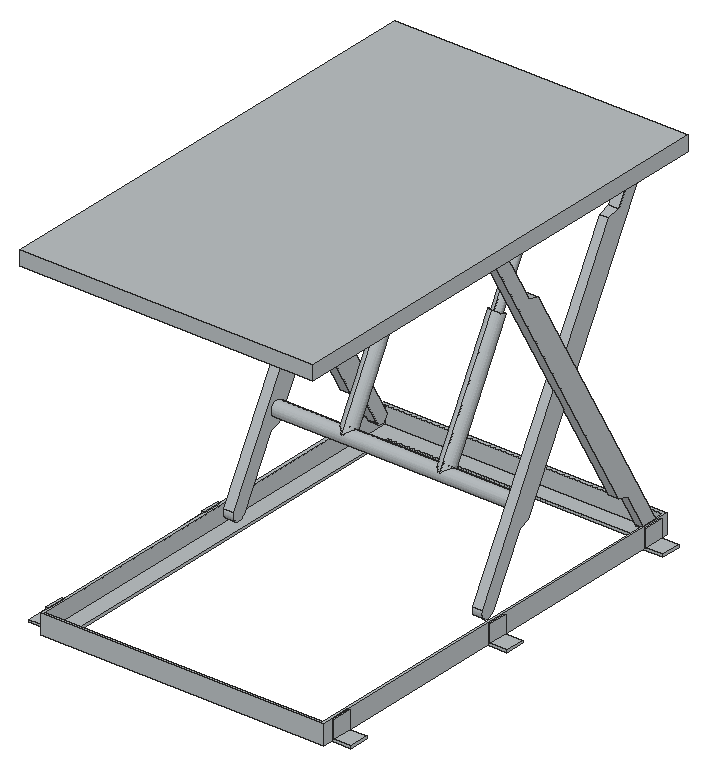
Revit family "DockEquipment_LiftTable_Pentalift_4-3L", category Specialty Equipment, Revit 2026
Family settings
  Round Connector Dimension = Use Diameter
  Part Type = Normal
  Work Plane-Based = Yes
  Enable Cutting in Views = No
  Always vertical = No
  Cut with Voids When Loaded = No
  Maintain Annotation Orientation = No
  Shared = No
  Room Calculation Point = No
Parameters
  offset [instance] = 0' - 0"
  Warranty Duration (Years) = 0
  Unit Width = 2' - 6"
  Unit Length = 4' - 0"
  URL = "http://www.pentalift.com/index.php"
  Specification = ""
  SpecWizard = ""
  Send Message = "http://www.arcat.com/users.pl?action=UserEmail&company=Pentalift Equipment Corp.&coid=34752&rep=119&fax=519-763-2894&mf="
  Sales Information = "http://www.pentalift.com/about-us.htm"
  Revision = "R1_01-2012"
  Product Properties = ""
  Product Data = "http://www.arcat.com/arcatcos/cos34/arc34752.html"
  Platform Width [instance] = 2' - 6"
  Platform Length [instance] = 4' - 0"
  Platform Height [instance] = 3' - 0"
  Model = "As Specified"
  Material [instance] = Metal - Steel - Pentalift - Painted - Gray
  Manufacturer Website = "http://www.pentalift.com/index.php"
  Manufacturer Phone - Toll Free = ""
  Manufacturer Phone = "519-763-3625 "
  Manufacturer Fax = "519-763-2894"
  Manufacturer Address = "21 Nicholas Beaver Rd. Guelph, ON, Canada N1H 6H9 "
  Manufacturer = "Pentalift Equipment Corp."
  Maintenance Schedule (Months) = 0
  Keynote = "11160"
  Installation-Fabrication = ""
  Installation Phase = ""
  Green Building-LEED = ""
  Expected Lifespan (Years) = 0
  Drawn By = "Sumex Design, Inc. / Robert S. Weygant, CSI, CDT, SCIP"
  Description = "Pentalift Dock Equipment as Specified"
  Default Elevation = 4' - 0"
  Copyright = "©Arcat Inc."
  Construction Details = "http://www.arcat.com/details/pentalif/pentalif.html?coid=34752"
  Capacity (Weight) = 0.00 kip
  Assembly Code = "E1030300"
Reference planes (in)
  plane 1 "Center (Front/Back)": y = 0
  plane 2 "Bottom": z = 0
  plane 3 "Center (Left/Right)": x = 0
  plane 4 "Front": y = -24
  plane 5 "Back": y = 24
  plane 6 "Left": x = -15
  plane 7 "Right": x = 15
  plane 8 "Top": z = 36
  plane 9: x = -14.5
  plane 10: x = 14.5
  plane 11: y = 22
  plane 12: y = -22
  plane 13: z = 1.75
  plane 14: z = 34.5
  plane 15: x = 3
  plane 16: z = 3
  plane 17: x = -15
  plane 18: x = 15
  plane 19: y = 24
  plane 20: y = -24
Forms (in)
  Extrusion 1, solid, material "Metal - Steel - Pentalift - Painted - Gray" <- "Material"
    sketch origin (-43.59721, -180, 36) x (-1, 0, 0) y (0, -1, 0)
      loop
        line (-28.59721, -204) -> (-28.59721, -156) -> (-58.59721, -156) -> (-58.59721, -204) -> (-28.59721, -204)
    from 0 to -1.5
  Sweep 2, solid, material "Metal - Steel - Pentalift - Painted - Gray" <- "Material"
    path origin (0, 0, 0) x (1, 0, 0) y (0, 1, 0)
      loop
        line (-14.5, 22) -> (-14.5, -22) -> (14.5, -22) -> (14.5, 22) -> (-14.5, 22)
    profile origin (0, 22, 0) x (0, 1, 0) y (0, 0, 1)
      loop
        line (-0.25, 2) -> (-0.25, 0.25) -> (-2, 0.25) -> (-2, 0) -> (0, 0) -> (0, 2) -> (-0.25, 2)
  Extrusion 3, solid, material "Metal - Steel - Pentalift - Painted - Gray" <- "Material"
    sketch origin (0, 0, 0) x (1, 0, 0) y (0, 0, 1)
      loop
        line (-14.5, 2) -> (-14.75, 2) -> (-14.75, 0.25) -> (-16.5, 0.25) -> (-16.5, 0) -> (-14.5, 0) -> (-14.5, 2)
      loop
        line (14.5, 2) -> (14.5, 0) -> (16.5, 0) -> (16.5, 0.25) -> (14.75, 0.25) -> (14.75, 2) -> (14.5, 2)
    from 1 to -1
  Extrusion 4, solid, material "Metal - Steel - Pentalift - Painted - Gray" <- "Material"
    sketch origin (-38.56132, 22, 48) x (-1, 0, 0) y (0, 0, 1)
      loop
        line (-24.06132, -46) -> (-24.06132, -48) -> (-22.06132, -48) -> (-22.06132, -47.75) -> (-23.81132, -47.75) -> (-23.81132, -46) -> (-24.06132, -46)
      loop
        line (-53.06132, -46) -> (-53.31132, -46) -> (-53.31132, -47.75) -> (-55.06132, -47.75) -> (-55.06132, -48) -> (-53.06132, -48) -> (-53.06132, -46)
    from -1 to -3
  Extrusion 5, solid, material "Metal - Steel - Pentalift - Painted - Gray" <- "Material"
    sketch origin (-38.56132, -22, 48) x (-1, 0, 0) y (0, 0, 1)
      loop
        line (-24.06132, -46) -> (-24.06132, -48) -> (-22.06132, -48) -> (-22.06132, -47.75) -> (-23.81132, -47.75) -> (-23.81132, -46) -> (-24.06132, -46)
      loop
        line (-53.06132, -46) -> (-53.31132, -46) -> (-53.31132, -47.75) -> (-55.06132, -47.75) -> (-55.06132, -48) -> (-53.06132, -48) -> (-53.06132, -46)
    from 1 to 3
Dimensions and locks (in)
  equal spacing: plane 6 "Left", plane 3 "Center (Left/Right)", plane 7 "Right"
  "Unit Width": plane 6 "Left" to plane 7 "Right"
  equal spacing: plane 5 "Back", plane 1 "Center (Front/Back)", plane 4 "Front"
  "Unit Length": plane 5 "Back" to plane 4 "Front"
  "Platform Height": plane 8 "Top" to level
  locked: plane 10 to plane 7 "Right" at 0.5
  locked: plane 6 "Left" to plane 9 at 0.5
  locked: plane 12 to plane 4 "Front" at 2
  plane 5 "Back" to plane 11 = 0' - 2"
  locked: plane 13 to level at 1.75
  locked: plane 8 "Top" to plane 14 at 1.5
  locked: plane 6 "Left" to plane 15 at 18
  equal spacing: plane 20, plane 1 "Center (Front/Back)", plane 19
  equal spacing: plane 17, plane 3 "Center (Left/Right)", plane 18
  "Platform Width": plane 17 to plane 18
  "Platform Length": plane 19 to plane 20
  aligned and locked: plane 14 to Extrusion 1
  aligned and locked: plane 1 "Center (Front/Back)" to nested 1
  aligned and locked: plane 3 "Center (Left/Right)" to nested 1
Automatic sketch dimensions
  Sweep 2 sketch curve to plane 9 = 0' - 0"
  Sweep 2 sketch curve to plane 10 = 0' - 0"
  Sweep 2 sketch curve to plane 12 = 0' - 0"
  Sweep 2 sketch curve to plane 11 = 0' - 0"
  Sweep 2 sketch curve to level = 0' - 0"
  Sweep 2 sketch curve to profile plane = 0' - 0"
  Sweep 2 sketch curve to Sweep 2 sketch curve = 0' - 0 1/4"
  Sweep 2 sketch curve to Sweep 2 sketch curve = 0' - 1 3/4"  (x2)
  level to Sweep 2 sketch curve = 0' - 0 1/4"
  Extrusion 1 sketch curve to plane 18 = 0' - 0"
  Extrusion 1 sketch curve to plane 17 = 0' - 0"
  Extrusion 1 sketch curve to plane 19 = 0' - 0"
  Extrusion 1 sketch curve to plane 20 = 0' - 0"
  Extrusion 3 sketch curve to level = 0' - 0"  (x2)
  Extrusion 3 sketch curve to plane 9 = 0' - 0"
  Extrusion 3 sketch curve to plane 10 = 0' - 0"
  plane 6 "Left" to Extrusion 3 sketch curve = 0' - 0 1/4"
  level to Extrusion 3 sketch curve = 0' - 0 1/4"  (x2)
  Extrusion 3 sketch curve to plane 6 "Left" = 0' - 1 1/2"
  Extrusion 3 sketch curve to plane 7 "Right" = 0' - 0 1/4"
  plane 7 "Right" to Extrusion 3 sketch curve = 0' - 1 1/2"
  plane 13 to Extrusion 3 sketch curve = 0' - 0 1/4"  (x2)
  Extrusion 4 sketch curve to level = 0' - 0"  (x2)
  Extrusion 4 sketch curve to plane 10 = 0' - 0"
  Extrusion 4 sketch curve to plane 9 = 0' - 0"
  Extrusion 4 sketch curve to plane 7 "Right" = 0' - 0 1/4"
  plane 7 "Right" to Extrusion 4 sketch curve = 0' - 1 1/2"
  plane 6 "Left" to Extrusion 4 sketch curve = 0' - 0 1/4"
  level to Extrusion 4 sketch curve = 0' - 0 1/4"
  Extrusion 4 sketch curve to plane 6 "Left" = 0' - 1 1/2"
  Extrusion 4 sketch curve to Extrusion 4 sketch curve = 0' - 0 1/4"
  plane 13 to Extrusion 4 sketch curve = 0' - 0 1/4"  (x2)
  Extrusion 5 sketch curve to level = 0' - 0"  (x2)
  Extrusion 5 sketch curve to plane 10 = 0' - 0"
  Extrusion 5 sketch curve to plane 9 = 0' - 0"
  Extrusion 5 sketch curve to plane 7 "Right" = 0' - 0 1/4"
  plane 7 "Right" to Extrusion 5 sketch curve = 0' - 1 1/2"
  plane 6 "Left" to Extrusion 5 sketch curve = 0' - 0 1/4"
  level to Extrusion 5 sketch curve = 0' - 0 1/4"  (x2)
  Extrusion 5 sketch curve to plane 6 "Left" = 0' - 1 1/2"
  plane 13 to Extrusion 5 sketch curve = 0' - 0 1/4"  (x2)
Nested families (in)
  nested 1: "Scissor_4.3L" at (0, 0, 0), Material <- "Material", Unit Width <- "Unit Width", Unit Length <- "Unit Length", Platform Height <- "Platform Height", type "Scisor_4.3L"
    with offset 0' - 0", ll/2 1' - 7.2", lFull 2' - 5.4", Unit Width 2' - 6", Unit Length 4' - 0", Support Angle 60.7383°, Platform Height 3' - 0", Material Metal - Steel - Pentalift - Painted - Gray, Leg Length 3' - 2.4"
Definition of nested family "Scissor_4.3L"
  Parameters
    offset [instance] = 0' - 0"
    ll/2 [instance] = Leg Length / 2  # 2' - 4.8"
    lFull [instance] = Leg Length - 0' 9"  # 4' - 0.6"
    Warranty Duration (Years) = 0
    Unit Width [instance] = 2' - 0"
    Unit Length [instance] = 6' - 0"
    Unit Height = 3' - 6"
    URL = "http://www.pentalift.com/index.php"
    Support Angle [instance] = asin((Platform Height - 0' 2 1/2") / Leg Length)  # 52.179°
    Specification = ""
    SpecWizard = ""
    Send Message = "http://www.arcat.com/users.pl?action=UserEmail&company=Pentalift Equipment Corp.&coid=34752&rep=119&fax=519-763-2894&mf="
    Sales Information = "http://www.pentalift.com/about-us.htm"
    Revision = "R1_01-2012"
    Product Properties = ""
    Product Data = "http://www.arcat.com/arcatcos/cos34/arc34752.html"
    Platform Height [instance] = 4' - 0"
    Model = "As Specified"
    Material [instance] = none
    Manufacturer Website = "http://www.pentalift.com/index.php"
    Manufacturer Phone - Toll Free = ""
    Manufacturer Phone = "519-763-3625 "
    Manufacturer Fax = "519-763-2894"
    Manufacturer Address = "21 Nicholas Beaver Rd. Guelph, ON, Canada N1H 6H9 "
    Manufacturer = "Pentalift Equipment Corp."
    Maintenance Schedule (Months) = 0
    Leg Length [instance] = Unit Length * 0.8  # 4' - 9.6"
    Keynote = "11160"
    Installation-Fabrication = ""
    Installation Phase = ""
    Green Building-LEED = ""
    Expected Lifespan (Years) = 0
    Drawn By = "Sumex Design, Inc. / Robert S. Weygant, CSI, CDT, SCIP"
    Description = "Pentalift Dock Equipment as Specified"
    Default Elevation = 4' - 0"
    Copyright = "©Arcat Inc."
    Construction Details = "http://www.arcat.com/details/pentalif/pentalif.html?coid=34752"
    Capacity (Weight) = 0.00 kip
    Assembly Code = "E1030300"
  Reference planes (in)
    plane 1 "Center (Front/Back)": y = 0
    plane 2 "Bottom": z = 0
    plane 3 "Center (Left/Right)": x = 0
    plane 4 "Front": y = -36
    plane 5 "Back": y = 36
    plane 6 "Left": x = -12
    plane 7 "Right": x = 12
    plane 8 "Top": z = 48
    plane 9: x = -11.25
    plane 10: x = 11.25
    plane 11: y = 33.5
    plane 12: y = -32.25
    plane 13: z = 1.75
    plane 14: y = 31.75
    plane 15: z = 47.25
  Forms (in)
    Extrusion 1, solid, material <- "Material"
      sketch origin (0, 32.49905, 47.28778) x (0, -0.613196, -0.789931) y (0, 0.789931, -0.613196)
        loop
          circle (49.08915, -0.56853) r 0.75
      from -9.25 to 9.25
    Revolve 2, solid, material <- "Material"
      sketch origin (-5, 31.75, 47.25) x (0, -0.613196, -0.789931) y (0, -0.789931, 0.613196)
        loop
          line (2, 0) -> (2, -0.5) -> (25.3, -0.5) -> (25.3, -0.75) -> (48.6, -0.75) -> (48.6, 0) -> (2, 0)
        axis (2, 0) -> (48.6, 0)
      angle from 0 to 360
    Revolve 3, solid, material <- "Material"
      sketch origin (5, 31.75, 47.25) x (0, -0.613196, -0.789931) y (0, -0.789931, 0.613196)
        loop
          line (2, 0) -> (2, -0.5) -> (25.3, -0.5) -> (25.3, -0.75) -> (48.6, -0.75) -> (48.6, 0) -> (2, 0)
        axis (2, 0) -> (48.6, 0)
      angle from 0 to 360
  Lines and regions (in)
    reference lines
      curve 1: line (0, 31.75, 47.25) -> (0, -24.66406, -25.42361)
      curve 2: line (0, 31.75, 1.75) -> (0, -30.79602, 82.32292)
      curve 3: line (5, 31.75, 47.25) -> (5, -3.20219, 2.22396)
      curve 4: line (-5, 31.75, 47.25) -> (-5, -3.20219, 2.22396)
  Dimensions and locks (in)
    equal spacing: plane 6 "Left", plane 3 "Center (Left/Right)", plane 7 "Right"
    "Unit Width": plane 6 "Left" to plane 7 "Right"
    equal spacing: plane 5 "Back", plane 1 "Center (Front/Back)", plane 4 "Front"
    "Unit Length": plane 5 "Back" to plane 4 "Front"
    "Platform Height": plane 8 "Top" to level
    locked: plane 10 to plane 7 "Right" at 0.75
    locked: plane 6 "Left" to plane 9 at 0.75
    locked: plane 12 to plane 4 "Front" at 3.75
    locked: plane 5 "Back" to plane 11 at 2.5
    locked: plane 13 to level at 1.75
    locked: plane 11 to plane 14 at 1.75
    locked: plane 8 "Top" to plane 15 at 0.75
    locked: plane 10 to Extrusion 1 at 2
    locked: plane 9 to Extrusion 1 at 2
    locked: nested 1 to plane 9 at 1
    locked: nested 2 to plane 10 at 1
    "lFull": Revolve 2 sketch curve to curve 1
    equal spacing: Revolve 2 sketch curve, Revolve 2 sketch curve, Revolve 2 sketch curve
    "lFull": curve 1 to Extrusion 1 sketch curve
    locked: Revolve 2 sketch curve to curve 1 at 2
    locked: curve 3 to plane 7 "Right" at 7
    locked: plane 6 "Left" to curve 4 at 7
    equal spacing: Revolve 3 sketch curve, Revolve 3 sketch curve, Revolve 3 sketch curve
    locked: Revolve 3 sketch curve to curve 4 at 2
    "lFull": curve 4 to Revolve 3 sketch curve
    "Support Angle": angle curve 1 to plane 15
    "Support Angle": angle plane 13 to curve 2
    aligned and locked: plane 9 to nested 3
    aligned and locked: plane 10 to nested 4
  Automatic sketch dimensions
    curve 2 to plane 13 = 0' - 0"
    curve 2 to plane 14 = 0' - 0"
    curve 1 to plane 14 = 0' - 0"
    curve 1 to plane 15 = 0' - 0"
    Extrusion 1 sketch curve to curve 1 = 0' - 0"
    Revolve 2 sketch curve to curve 4 = 0' - 0"  (x2)
    Revolve 2 sketch curve to Revolve 2 sketch curve = 0' - 8.26149"
    Revolve 2 sketch curve to Revolve 2 sketch curve = 0' - 0.50049"
    Revolve 2 sketch curve to Revolve 2 sketch curve = 0' - 0 1/2"
    Revolve 2 sketch curve to Revolve 2 sketch curve = 0' - 0 1/4"
    curve 4 to curve 1 = 0' - 0"
    curve 3 to curve 1 = 0' - 0"
    curve 4 to curve 1 = 0' - 5"
    curve 1 to curve 3 = 0' - 5"
    curve 4 to curve 1 = 2' - 11"
    curve 3 to curve 4 = 0' - 0"
    Revolve 3 sketch curve to curve 3 = 0' - 0"  (x2)
    curve 3 to Revolve 3 sketch curve = 0' - 0 1/2"
    Revolve 3 sketch curve to Revolve 3 sketch curve = 0' - 8.26149"
    Revolve 3 sketch curve to Revolve 3 sketch curve = 0' - 0.50049"
    Revolve 3 sketch curve to Revolve 3 sketch curve = 0' - 0 1/4"
    radius of Extrusion 1 sketch curve = 0' - 0 3/4"
  Nested families (in)
    nested 1: "Leg_4.3" at (-10.25, 31.75, 47.25) x (0, -0.6132, -0.7899) z (1, 0, 0), Material <- "Material", Length <- "Leg Length", type "Leg_4.3"
      with Material none, Length 4' - 9.6"
    nested 2: "Leg_4.3" at (9.25, 31.75, 47.25) x (0, -0.6132, -0.7899) z (1, 0, 0), Material <- "Material", Length <- "Leg Length", type "Leg_4.3"
      with Material none, Length 4' - 9.6"
    nested 3: "Leg_4.3" at (-11.25, 31.75, 1.75) x (0, -0.6132, 0.7899) z (1, 0, 0), Material <- "Material", Length <- "Leg Length", type "Leg_4.3"
      with Material none, Length 4' - 9.6"
    nested 4: "Leg_4.3" at (10.25, 31.75, 1.75) x (0, -0.6132, 0.7899) z (1, 0, 0), Material <- "Material", Length <- "Leg Length", type "Leg_4.3"
      with Material none, Length 4' - 9.6"
  Definition of nested family "Leg_4.3"
    Parameters
      Material [instance] = none
      Length [instance] = 4' - 0"
      Depth = 0' - 1"
      Default Elevation = 4' - 0"
    Reference planes (in)
      plane 1 "Center (Front/Back)": y = 0
      plane 2: z = 0
      plane 3 "Center (Left/Right)": x = 0
      plane 4: x = 48
      plane 5: x = 39.67703
      plane 6: x = 5.79364
    Forms (in)
      Extrusion 1, solid, material <- "Material"
        sketch origin (0, 0, 0) x (1, 0, 0) y (0, 1, 0)
          loop
            line (48, 0.25) -> (40.97122, 0.25) -> (40.17703, 1.0442) -> (0, 1.0442)
            arc (0, 1.0442) -> (-0.6692, 0.375) -> (0, -0.2942) r 0.6692
            line (0, -0.2942) -> (4.43763, -0.2942) -> (5.29364, -1.15022) -> (48, -1.15022)
            arc (48, -1.15022) -> (48.70011, -0.45011) -> (48, 0.25) r 0.70011
        from 0 to 1
    Dimensions and locks (in)
      locked: plane 3 "Center (Left/Right)" to plane 6 at 5.79364
      locked: plane 5 to plane 4 at 8.32297
      "Length": plane 3 "Center (Left/Right)" to plane 4
      "Depth": Extrusion 1 to level
    Automatic sketch dimensions
      Extrusion 1 sketch curve to plane 3 "Center (Left/Right)" = 0' - 0"
      Extrusion 1 sketch curve to plane 6 = 0' - 0 1/2"
      Extrusion 1 sketch curve to plane 5 = 0' - 0 1/2"
      Extrusion 1 sketch curve to plane 1 "Center (Front/Back)" = 0' - 0 1/4"
      Extrusion 1 sketch curve to plane 4 = 0' - 0"
      Extrusion 1 sketch curve to plane 1 "Center (Front/Back)" = 0' - 0 3/8"
      Extrusion 1 sketch curve to plane 6 = 0' - 1.35602"
      Extrusion 1 sketch curve to plane 5 = 0' - 1.2942"
      plane 1 "Center (Front/Back)" to Extrusion 1 sketch curve = 0' - 0.2942"
      Extrusion 1 sketch curve to Extrusion 1 sketch curve = 0' - 0.70011"
